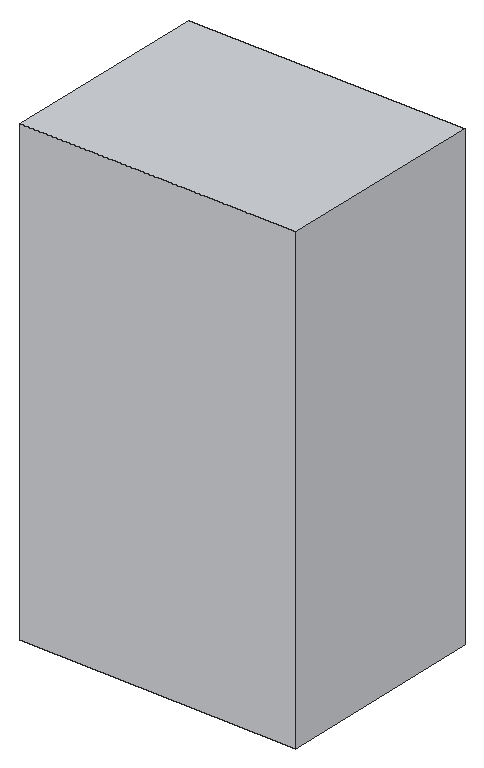
Revit family
Parameters
  Warranty Duration (Years) = 0
  Unit Width [instance] = 1' - 8 177/256"
  Unit Height [instance] = 0' - 9 99/256"
  Unit Depth = 0' - 0"
  URL = "http://www.americanspecialties.com/viewCategories.cfm"
  Trim Material = Metal - Stainless Steel
  Test Data = ""
  Specification = "http://www.arcat.com/sdspecs/htm/10810asi.htm"
  SpecWizard = ""
  Send Message = "http://www.arcat.com/users.pl?action=UserEmail&company=American%20Specialties,%20Inc.&coid=30448&rep=139&fax=914-476-0688&mf="
  Sales Information = "http://www.americanspecialties.com/contact"
  Revision = "R1_10-2010"
  Product Properties = "http://www.americanspecialties.com/datasheets/0827.pdf"
  Product Data = "http://www.arcat.com/arcatcos/cos30/arc30448.html"
  Model = "As Specified in 10 28 13"
  Manufacturer Website = "http://www.americanspecialties.com/viewCategories.cfm"
  Manufacturer Phone - Toll Free = ""
  Manufacturer Phone = "914-476-9000 "
  Manufacturer Fax = "914-476-0688"
  Manufacturer Address = "441 Saw Mill River Rd., Yonkers, NY 10701"
  Manufacturer = "American Specialties, Inc."
  Maintenance Schedule (Months) = 0
  Keynote = "10 28 13"
  Installation-Fabrication = "http://www.americanspecialties.com/products.cfm"
  Green Building-LEED = ""
  Expected Lifespan (Years) = 0
  Drawn By = "Robert S. Weygant. CSI, CDT, SCIP"  # constant formula
  Description = "Toilet Accessory as Specified in 10 28 13"
  Default Elevation = 4' - 0"
  Copyright = "©Arcat Inc."
  Construction Details = "http://www.arcat.com/green/clients/leed_data_30448.html"
  Building Codes = "http://www.americanspecialties.com/products.cfm"
  Body Material = Metal - Stainless Steel
  Assembly Code = "C1030210"
Reference planes (in)
  plane 1 "Center (Front/Back)": y = -0.29112
  plane 2 "Floor Line": z = 0
  plane 3 "Center (Left/Right)": x = -0.65843
Forms (in)
  Extrusion 1, solid
    sketch origin (-3, -9, -6) x (0, 0, -1) y (1, 0, 0)
      loop
        line (-82, 26) -> (-82, -19.34712) -> (-6, -19.34712) -> (-6, 26) -> (-82, 26)
    from 9 to -25.60721
  Extrusion 2, solid, material "Metal - Stainless Steel" <- "Body Material"
    sketch origin (0, 4.20888, 0) x (1, 0, 0) y (0, 0, 1)
      loop
        arc (-5.15843, 4.75) -> (-5.68876, 4.53033) -> (-5.90843, 4) r 0.75
        line (-5.90843, 4) -> (-5.90843, 0) -> (4.59157, 0) -> (4.59157, 4)
        arc (4.59157, 4) -> (4.3719, 4.53033) -> (3.84157, 4.75) r 0.75
        line (3.84157, 4.75) -> (-5.15843, 4.75)
      loop
        arc (-5.15843, 4.71875) -> (-5.66667, 4.50823) -> (-5.87718, 4) r 0.71875
        line (-5.87718, 4) -> (-5.87718, 0.03125) -> (4.56032, 0.03125) -> (4.56032, 4)
        arc (4.56032, 4) -> (4.3498, 4.50823) -> (3.84157, 4.71875) r 0.71875
        line (3.84157, 4.71875) -> (-5.15843, 4.71875)
    from 0 to 9
  Extrusion 3, solid, material "Metal - Stainless Steel" <- "Body Material"
    sketch origin (0, 0.20888, 0) x (1, 0, 0) y (0, 0, 1)
      loop
        line (4.59157, 0) -> (4.59157, 4)
        arc (4.59157, 4) -> (4.3719, 4.53033) -> (3.84157, 4.75) r 0.75
        line (3.84157, 4.75) -> (-5.15843, 4.75)
        arc (-5.15843, 4.75) -> (-5.68876, 4.53033) -> (-5.90843, 4) r 0.75
        line (-5.90843, 4) -> (-5.90843, 0) -> (4.59157, 0)
    from 5 to 5.03125
  Extrusion 4, void
    sketch origin (0, 0, 0) x (1, 0, 0) y (0, 1, 0)
      loop
        arc (-4.4904, 2.82862) -> (-4.39665, 2.34686) -> (-4.3029, 2.82862) r 0.25
        line (-4.3029, 2.82862) -> (-4.3029, 3.15049)
        arc (-4.3029, 3.15049) -> (-4.39665, 3.24424) -> (-4.4904, 3.15049) r 0.09375
        line (-4.4904, 3.15049) -> (-4.4904, 2.82862)
      loop
        line (3.1971, 2.82862) -> (3.1971, 3.15049)
        arc (3.1971, 3.15049) -> (3.10335, 3.24424) -> (3.0096, 3.15049) r 0.09375
        line (3.0096, 3.15049) -> (3.0096, 2.82862)
        arc (3.0096, 2.82862) -> (3.10335, 2.34686) -> (3.1971, 2.82862) r 0.25
      loop
        arc (-4.4904, -3.33571) -> (-4.39665, -3.81747) -> (-4.3029, -3.33571) r 0.25
        line (-4.3029, -3.33571) -> (-4.3029, -3.01384)
        arc (-4.3029, -3.01384) -> (-4.39665, -2.92009) -> (-4.4904, -3.01384) r 0.09375
        line (-4.4904, -3.01384) -> (-4.4904, -3.33571)
      loop
        line (3.1971, -3.33571) -> (3.1971, -3.01384)
        arc (3.1971, -3.01384) -> (3.10335, -2.92009) -> (3.0096, -3.01384) r 0.09375
        line (3.0096, -3.01384) -> (3.0096, -3.33571)
        arc (3.0096, -3.33571) -> (3.10335, -3.81747) -> (3.1971, -3.33571) r 0.25
    from 0 to 0.03125
Cuts and joins
  Extrusion 4 cuts Extrusion 2
Dimensions and locks (in)
  aligned and locked: Extrusion 1 to level
  aligned and locked: Extrusion 3 to Extrusion 2
